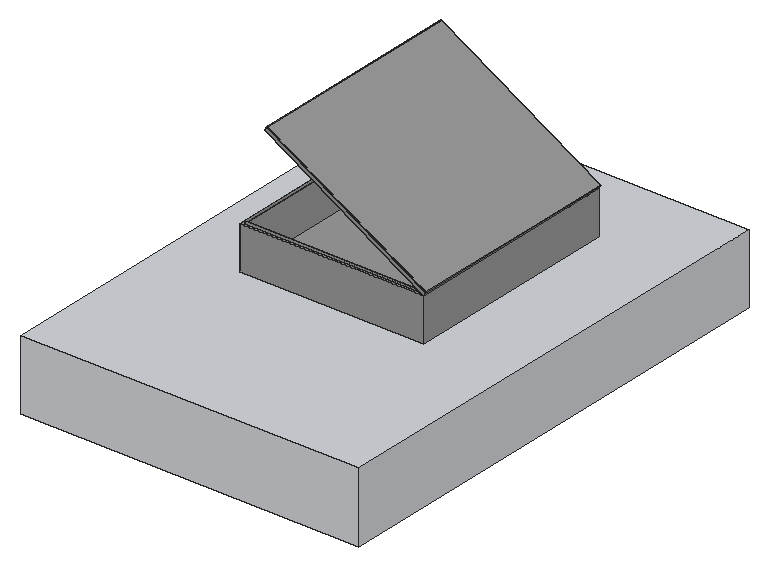
Revit family "Hager-Univers-IP44-D205-H950-Cl.I-encl-PL-en", category Equipement électrique, Revit 2020
Family settings
  Hôte = Face
  Configuration du panneau = Deux colonnes, circuits au sein
  Cote de connecteur circulaire = Utiliser le diamètre
  Type d'élément = Tableau de raccordement
  Couper avec des vides une fois chargée = Non
  Partagée = Non
  Point de calcul de pièce = Non
Parameters (values of type "Surface mounted (plaster) IP44 W800 H950 D205  - FP63TN2")
  Width Control [instance] = if([EF000008 - Width] > Min Width, [EF000008 - Width], Min Width)  # 800 mm
  Commentaires du type = [HG000003 - Range]  # "Univers"
  Thickness Door [instance] = if([EF009171 - Material plate thickness door/cover] > 3 mm, 3 mm, [EF009171 - Material plate thickness door/cover])  # 1 mm
  Seal Frame Offset [instance] = 17 mm  # constant formula
  Plinth Visibility [instance] = [HG000027 - Plinth height] > 0 mm  # no
  Model = ""
  Min Width [instance] = 100 mm  # constant formula
  Min Height [instance] = 100 mm  # constant formula
  Min Depth [instance] = (2 * [EF009170 - Material plate thickness cabinet]) + 1 mm  # 3 mm
  Internal Frame Depth [instance] = (Door System Depth * 0.5)  # 9 mm
  Height Control [instance] = if([EF000040 - Height] > Min Height, [EF000040 - Height], Min Height)  # 950 mm
  HG000027 - Plinth height = 0 mm
  HG000026 - Floor standing = no
  HG000024 - Bottom section height = 800 mm
  HG000023 - Double section enclosure = no
  HG000016 - Door 3d visibility [instance] = yes
  HG000015 - Clearance visibility [instance] = no
  HG000014 - Door on the right [instance] = yes
  HG000013 - Door on the left [instance] = not([HG000014 - Door on the right])  # no
  HG000012 - Door swing angle [instance] = 30.00°
  HG000010 - Asymmetric doors = no
  HG000009 - Double swing door = no
  HG000006 - Flush mounted = no
  HG000004 - Manufacturer reference = "FP63TN2"
  HG000003 - Range = "Univers"
  HG000002 - With door or cover = yes
  Frame Offset Bottom [instance] = 10 mm  # constant formula
  Frame Offset [instance] = 15 mm  # constant formula
  EF015940 - Cover with overpressure release = no
  EF011959 - Degree of protection (NEMA) = ""
  EF009554 - Number of openings for flange plates = 6
  EF009212 - Cover model = "EV000116 - Closed"
  EF009171 - Material plate thickness door/cover = 1 mm
  EF009170 - Material plate thickness cabinet = 1 mm
  Fabricant = "Hager"  # constant formula
  EF008873 - Nominal current (In) = 250 A
  EF007800 - Suitable for lightning protection = no
  EF006306 - With lock = no
  EF006244 - Transparent cover/door = no
  EF005474 - Degree of protection (IP) = "EV006418 - IP44"
  EF004464 - Type of door = "EV002646 - Single"
  EF004427 - Number of modules = 216
  EF004293 - Impact strength = "EV006815 - IK09"
  EF003532 - Suitable for outdoor use = no
  EF002950 - Width in number of modular spacings = 36
  EF001613 - Circuit integrity = "EV000494 - None"
  EF001596 - Material housing = "EV000179 - Steel"
  EF001131 - Internal depth = 130 mm
  EF001088 - Extension possible = yes
  EF000437 - Number of conduit inlets = 6
  EF000339 - Type of cover = "EV001012 - Cover"
  EF000266 - Number of rows = 6
  EF000218 - Built-in depth = 205 mm
  EF000118 - With mounting plate = no
  EF000116 - RAL-number = "9010"
  EF000049 - Depth = 205 mm
  EF000040 - Height = 950 mm
  EF000008 - Width = 800 mm
  EF000007 - Colour = "EV000202 - White"
  EF000003 - Mounting method = "EV000384 - Surface mounted (plaster)"
  Door System Leaf Tolerance [instance] = 1.5 mm  # constant formula
  Door System Depth [instance] = 18 mm  # constant formula
  Door Height [instance] = Height Control - [HG000027 - Plinth height]  # 950 mm
  Depth Control [instance] = if([EF000049 - Depth] > Min Depth, [EF000049 - Depth], Min Depth)  # 205 mm
  Default Elevation = 0 mm
  Connector Offset [instance] = Height Control / 2  # 475 mm
  Bottom Top Plate Trim [instance] = 1.5 mm  # constant formula
  Plinth height Ctrl [instance] = if([HG000027 - Plinth height] > 0 mm, [HG000027 - Plinth height], 12 mm)  # 12 mm
Types (5, lengths in mm): name | Width Control | HG000010 - Asymmetric doors | HG000009 - Double swing door | HG000004 - Manufacturer reference | EF009554 - Number of openings for flange plates | EF004464 - Type of door | EF004427 - Number of modules | EF002950 - Width in number of modular spacings | EF000437 - Number of conduit inlets | EF000008 - Width
  Surface mounted (plaster) IP44 W1050 H950 D205  - FP64TN2 | 1050 | no | yes | "FP64TN2" | 8 | "EV003602 - Double" | 288 | 48 | 8 | 1050
  Surface mounted (plaster) IP44 W1300 H950 D205  - FP65TN2 | 1300 | yes | yes | "FP65TN2" | 10 | "EV003602 - Double" | 360 | 60 | 10 | 1300
  Surface mounted (plaster) IP44 W300 H950 D205  - FP61TN2 | 300 | no | no | "FP61TN2" | 2 | "EV002646 - Single" | 72 | 12 | 2 | 300
  Surface mounted (plaster) IP44 W550 H950 D205  - FP62TN2 | 550 | no | no | "FP62TN2" | 4 | "EV002646 - Single" | 144 | 24 | 4 | 550
  Surface mounted (plaster) IP44 W800 H950 D205  - FP63TN2 | 800 | no | no | "FP63TN2" | 6 | "EV002646 - Single" | 216 | 36 | 6 | 800
Reference planes
  plane 1 "Center (Front/Back)": y = 0
  plane 2: z = 0
  plane 3 "Center (Left/Right)": x = 0
  plane 4: z = 205
  plane 5: y = 1
  plane 6: y = 475
  plane 7: y = 0
  plane 8: y = 950
  plane 9: z = 0
  plane 10: x = -385
  plane 11: x = 385
  plane 12: x = 384
  plane 13: x = -384
  plane 14: y = 949
  plane 15: x = -383
  plane 16: x = -400
  plane 17: x = 383
  plane 18: x = 400
  plane 19: x = 399
  plane 20: x = -399
  plane 21: y = 11
  plane 22: y = 950
  plane 23: y = 934
  plane 24: z = 187
  plane 25: z = 1
  plane 26: z = 186
  plane 27: z = 204
Forms (mm)
  Extrusion 1, solid
    sketch origin (0, 0, 0) x (1, 0, 0) y (0, 1, 0)
      loop
        line (-702.964, 1305) -> (-702.964, -811.445) -> (766.763, -811.445) -> (766.763, 1305) -> (-702.964, 1305)
    from 0 to -304.8
  Extrusion 2, solid, material "Hager_Steel_RAL7035_Light_Grey", visible <- "Plinth Visibility", detail levels medium+fine
    sketch origin (0, 0, 0) x (1, 0, 0) y (0, 1, 0)
      loop
        line (-400, 0) -> (400, 0) -> (400, 12) -> (-400, 12) -> (-400, 0)
    from 0 to 187
  Extrusion 3, solid, material "Hager_Steel_RAL7035_Light_Grey", detail levels medium+fine
    sketch origin (0, 0, 0) x (1, 0, 0) y (0, 1, 0)
      loop
        line (-400, 0) -> (400, 0) -> (400, 950) -> (-400, 950) -> (-400, 0)
    from 0 to 187
  Extrusion 4, void
    sketch origin (0, 0, 0) x (1, 0, 0) y (0, 1, 0)
      loop
        line (-399, 1) -> (399, 1) -> (399, 949) -> (-399, 949) -> (-399, 1)
    from 1 to 186
  Extrusion 5, void
    sketch origin (-381.607, -4572, 187) x (0, -1, 0) y (-1, 0, 0)
      loop
        line (-4583, 2.393) -> (-5506, 2.393) -> (-5506, -765.607) -> (-4583, -765.607) -> (-4583, 2.393)
    from 0 to 1 <- "EF009170 - Material plate thickness cabinet"
  Extrusion 6, solid, material "Hager_Steel_RAL7035_Light_Grey", detail levels fine
    sketch origin (0, 0, 187) x (1, 0, 0) y (0, 1, 0)
      loop
        line (-384, 934) -> (-384, 11) -> (384, 11) -> (384, 934) -> (-384, 934)
      loop
        line (-385, 10) -> (385, 10) -> (385, 935) -> (-385, 935) -> (-385, 10)
    from 0 to 9 <- "Internal Frame Depth"
  Extrusion 7, solid, material "Hager_Steel_RAL7035_Light_Grey", detail levels coarse
    sketch origin (0, 0, 0) x (1, 0, 0) y (0, 1, 0)
      loop
        line (-400, 0) -> (400, 0) -> (400, 950) -> (-400, 950) -> (-400, 0)
    from 0 to 205
  Sweep 8, void
    path in 3D
      loop
        line (-400, 12, 0) -> (400, 12, 0) -> (400, 12, 187) -> (-400, 12, 187) -> (-400, 12, 0)
    profile origin (-400, 12, 93.5) x (-1, 0, 0) y (0, -1, 0)
      loop
        line (0, 0) -> (0, 1.5) -> (-1.5, 1.5)
        arc (-1.5, 1.5) -> (-1.061, 0.439) -> (0, 0) r 1.5
Cuts and joins
  Extrusion 4, Extrusion 5 cuts Extrusion 3
  Sweep 8 cuts Extrusion 2
Lines and regions (mm)
  Masking region 1
    outline origin (0, 0, 0) x (1, 0, 0) y (0, 0, 1)
      loop
        line (-400, 205) -> (-400, 0) -> (400, 0) -> (400, 205) -> (-400, 205)
  Masking region 2, detail levels medium+fine
    outline origin (0, 140, 0) x (0, 1, 0) y (0, 0, 1)
      loop
        line (-140, 0) -> (810, 0) -> (810, 187) -> (-140, 187) -> (-140, 0)
  Masking region 3, not visible, detail levels medium+fine
    outline origin (0, 297.922, 0) x (0, 1, 0) y (0, 0, 1)
      loop
        line (188.578, 0) -> (228.578, 0) -> (228.578, 194)
        arc (228.578, 194) -> (225.649, 201.071) -> (218.578, 204) r 10
        line (218.578, 204) -> (188.578, 204) -> (188.578, 0)
  Masking region 4, detail levels coarse
    outline origin (0, 0, 180) x (0, 1, 0) y (0, 0, 1)
      loop
        line (0, -180) -> (950, -180) -> (950, 25) -> (0, 25) -> (0, -180)
  Masking region 5, visible <- "Plinth Visibility", detail levels medium+fine
    outline origin (0, 52.24, 12.345) x (0, 0, -1) y (0, 1, 0)
      loop
        line (10.845, -40.24) -> (-173.155, -40.24)
        arc (-173.155, -40.24) -> (-173.594, -41.301) -> (-174.655, -41.74) r 1.5
        line (-174.655, -41.74) -> (-174.655, -52.24) -> (12.345, -52.24) -> (12.345, -41.74)
        arc (12.345, -41.74) -> (11.285, -41.301) -> (10.845, -40.24) r 1.5
  Masking region 6, detail levels medium+fine
    outline origin (-381.607, -4572, 187) x (-1, 0, 0) y (0, -1, 0)
      loop
        line (18.393, -5522) -> (18.393, -4572) -> (-781.607, -4572) -> (-781.607, -5522) -> (18.393, -5522)
  Masking region 7, visible <- "Plinth Visibility", detail levels medium+fine
    outline origin (-381.607, -4727, 187) x (-1, 0, 0) y (0, -1, 0)
      loop
        arc (16.893, -4739) -> (17.332, -4737.939) -> (18.393, -4737.5) r 1.5
        line (18.393, -4737.5) -> (18.393, -4727) -> (-781.607, -4727) -> (-781.607, -4737.5)
        arc (-781.607, -4737.5) -> (-780.546, -4737.939) -> (-780.107, -4739) r 1.5
        line (-780.107, -4739) -> (16.893, -4739)
  Masking region 8, detail levels coarse
    outline origin (-442.548, -4669.526, 187) x (-1, 0, 0) y (0, -1, 0)
      loop
        line (-42.548, -5619.526) -> (-42.548, -4669.526) -> (-842.548, -4669.526) -> (-842.548, -5619.526) -> (-42.548, -5619.526)
  sketch lines
    curve 1: line (-400, 12, 187) -> (-400, 12, 0)
    curve 2: line (400, 12, 187) -> (-400, 12, 187)
    curve 3: line (400, 12, 187) -> (400, 12, 0)
    curve 4: line (-400, 12, 0) -> (400, 12, 0)
Dimensions and locks
  "Depth Control": plane 4 to Extrusion 1
  "HG000027 - Plinth height": plane 1 "Center (Front/Back)" to plane 7
  "EF009170 - Material plate thickness cabinet": plane 5 to plane 7
  locked: connector elem to plane 3 "Center (Left/Right)"
  equal spacing: plane 8, plane 6, plane 7
  locked: connector elem to plane 6
  "EF009170 - Material plate thickness cabinet": plane 8 to plane 14
  "EF009170 - Material plate thickness cabinet": plane 10 to plane 13
  "EF009170 - Material plate thickness cabinet": plane 12 to plane 11
  "Frame Offset": plane 20 to plane 13
  "Frame Offset": plane 12 to plane 19
  "EF009170 - Material plate thickness cabinet": plane 16 to plane 20
  "EF009170 - Material plate thickness cabinet": plane 19 to plane 18
  "Seal Frame Offset": plane 16 to plane 15
  "Seal Frame Offset": plane 17 to plane 18
  "Frame Offset Bottom": plane 21 to plane 5
  "Frame Offset": plane 14 to plane 23
  equal spacing: plane 16, plane 3 "Center (Left/Right)", plane 18
  "Width Control": plane 16 to plane 18
  "EF009170 - Material plate thickness cabinet": plane 4 to plane 27
  "EF009170 - Material plate thickness cabinet": plane 24 to plane 26
  "EF009170 - Material plate thickness cabinet": plane 25 to level
  "Door System Depth": plane 4 to plane 24
  "Height Control": plane 1 "Center (Front/Back)" to Extrusion 7 sketch curve
  "Height Control": Masking region 4 sketch curve to plane 1 "Center (Front/Back)"
  "Height Control": plane 1 "Center (Front/Back)" to plane 22
  "Bottom Top Plate Trim": profile plane to Sweep 8 sketch curve
  "Bottom Top Plate Trim": Sweep 8 sketch curve to profile plane
  "Plinth height Ctrl": plane 1 "Center (Front/Back)" to Extrusion 2 sketch curve
  "Plinth height Ctrl": Masking region 5 sketch curve to plane 1 "Center (Front/Back)"
  "Plinth height Ctrl": plane 1 "Center (Front/Back)" to Masking region 7 sketch curve
  "Thickness Door": Extrusion 6 sketch curve to Extrusion 6 sketch curve  (x3)
  "Thickness Door": cut or joined group of Extrusion 3, Extrusion 4, Extrusion 5 to Extrusion 6 sketch curve
  radius of Masking region 3 sketch curve = 10 mm
  "Bottom Top Plate Trim": radius of Masking region 5 sketch curve  (x2)
  "Bottom Top Plate Trim": radius of Sweep 8 sketch curve
  "Bottom Top Plate Trim": radius of Masking region 7 sketch curve  (x2)
  aligned and locked: plane 2 to Extrusion 1
  aligned and locked: level to Extrusion 1
  aligned and locked: level to Masking region 1 sketch curve
  aligned and locked: Masking region 1 sketch curve to plane 18
  aligned and locked: Masking region 1 sketch curve to plane 16
  aligned and locked: plane 7 to Masking region 2 sketch curve
  aligned and locked: level to Masking region 3 sketch curve
  aligned and locked: Masking region 3 sketch curve to plane 27
  aligned and locked: level to Masking region 2 sketch curve
  aligned and locked: plane 1 "Center (Front/Back)" to Extrusion 2 sketch curve
  aligned and locked: Extrusion 3 sketch curve to plane 7
  aligned and locked: plane 16 to Extrusion 3 sketch curve
  aligned and locked: plane 18 to Extrusion 3 sketch curve
  aligned and locked: plane 20 to Extrusion 4 sketch curve
  aligned and locked: plane 19 to Extrusion 4 sketch curve
  aligned and locked: Extrusion 4 sketch curve to plane 5
  aligned and locked: Extrusion 4 to plane 25
  aligned and locked: plane 26 to Extrusion 4
  aligned and locked: plane 24 to Extrusion 3
  aligned and locked: Extrusion 5 sketch curve to plane 21
  aligned and locked: Extrusion 5 sketch curve to plane 13
  aligned and locked: Extrusion 5 sketch curve to plane 12
  aligned and locked: plane 18 to Extrusion 7 sketch curve
  aligned and locked: plane 1 "Center (Front/Back)" to Extrusion 7 sketch curve
  aligned and locked: plane 16 to Extrusion 7 sketch curve
  aligned and locked: plane 4 to Extrusion 7
  aligned and locked: Extrusion 7 to level
  aligned and locked: level to Masking region 4 sketch curve
  aligned and locked: Masking region 4 sketch curve to plane 1 "Center (Front/Back)"
  aligned and locked: Masking region 4 sketch curve to plane 4
  aligned and locked: nested 1 to level
  aligned and locked: nested 1 to plane 16
  aligned and locked: plane 8 to Extrusion 3 sketch curve
  aligned and locked: plane 23 to Extrusion 5 sketch curve
  aligned and locked: plane 14 to Extrusion 4 sketch curve
  aligned and locked: Masking region 2 sketch curve to plane 8
  aligned and locked: level to Masking region 5 sketch curve
  aligned and locked: plane 16 to Extrusion 2 sketch curve
  aligned and locked: plane 18 to Extrusion 2 sketch curve
  aligned and locked: Masking region 5 sketch curve to plane 24
  aligned and locked: Masking region 2 sketch curve to plane 24
  aligned and locked: plane 24 to Extrusion 2
  aligned and locked: profile plane to Sweep 8 sketch curve  (x2)
  aligned and locked: Masking region 6 sketch curve to plane 18
  aligned and locked: Masking region 6 sketch curve to plane 22
  aligned and locked: Masking region 6 sketch curve to plane 16
  aligned and locked: plane 8 to plane 22
  aligned and locked: Masking region 6 sketch curve to plane 7
  aligned and locked: Masking region 7 sketch curve to plane 16
  aligned and locked: Masking region 7 sketch curve to plane 1 "Center (Front/Back)"
  aligned and locked: Masking region 7 sketch curve to plane 18
  aligned and locked: Masking region 8 sketch curve to plane 1 "Center (Front/Back)"
  aligned and locked: Masking region 8 sketch curve to plane 18
  aligned and locked: Masking region 8 sketch curve to plane 22
  aligned and locked: Masking region 8 sketch curve to plane 16
  aligned and locked: nested 2 to plane 7
  aligned and locked: plane 3 "Center (Left/Right)" to nested 2
  aligned and locked: nested 2 to plane 24
  aligned and locked: Extrusion 6 sketch curve to cut or joined group of Extrusion 3, Extrusion 4, Extrusion 5  (x4)
Automatic sketch dimensions
  Extrusion 1 sketch curve to Extrusion 1 sketch curve = 1469.727 mm
  Extrusion 1 sketch curve to Extrusion 1 sketch curve = 2116.445 mm
  Masking region 1 sketch curve to plane 4 = 0 mm
  plane 6 to Masking region 3 sketch curve = 11.5 mm
  Masking region 3 sketch curve to Masking region 3 sketch curve = 30 mm
  Masking region 5 sketch curve to plane 1 "Center (Front/Back)" = 0 mm
Nested families
  nested 1: "Hager_Enclosure_Symbol" at (-400, 0, 0) x (1, 0, 0) z (0, -1, 0), Height <- "Depth Control", Width <- "Width Control", type "Hager_Enclosure_Symbol"
    with Width_Ctrl 800 mm, Width 800 mm, Height_Ctrl 205 mm, Height 205 mm, A_Width_Int 13.453 mm, A_Width 161.438 mm, A_Height_Ctrl 179.375 mm, A_Height 179.375 mm
  nested 2: "EC000058_Univers_Door" at (0, 0, 187) x (1, 0, 0) z (0, 1, 0), Leaf_Tolerance <- "Door System Leaf Tolerance", Angle <- "HG000012 - Door swing angle", Door_Depth <- "Door System Depth", Door_Left <- "HG000013 - Door on the left", Transparent <- "EF006244 - Transparent cover/door", Assymetrical <- "HG000010 - Asymmetric doors", Width <- "Width Control", Clearance <- "HG000015 - Clearance visibility", Double <- "HG000009 - Double swing door", 3d_Door <- "HG000016 - Door 3d visibility", Lock_Visibility <- "EF006306 - With lock", Width_Ctrl <- "Width Control", Door_Right <- "HG000014 - Door on the right", Door <- "HG000002 - With door or cover", Height <- "Door Height", Thickness <- "Thickness Door", type "EC000058_Univers_Door", detail levels medium+fine
    with min_wh 3 mm, Width_Ctrl 800 mm, Width 800 mm, Transparent no, Thickness 1 mm, Seal_Material Hager_Rubber, Lock_Visibility no, Lock_Material Hager_Plastic_RAL9005_Jet_Black, Leaf_Width 800 mm, Leaf_Tolerance_External_Sides 0 mm, Leaf_Tolerance 1.5 mm, Leaf_Offset 0 mm, Leaf_Height 947 mm, Leaf_2_Width 800 mm, Leaf_2_Offset 400 mm, Leaf_1_Width 800 mm, Leaf_1_Offset 400 mm, Height_Ctrl 950 mm, Height 950 mm, Glass_Material Hager_Glass, Double_Clearance_Ctrl no, Double no, Door_Right_Ctrl yes, Door_Right yes, Door_Material Hager_Steel_RAL7035_Light_Grey, Door_Left_Ctrl no, Door_Left no, Door_Depth 18 mm, Door yes, Clearance_Material Hager_Clearance, Clearance_Depth 800 mm, Clearance_Ctrl no, Clearance no, Assymetrical no, Angle 30.00°, 3d_Door yes
Connectors
  electrical at (0, 475, 0)
    settings: on plane 9, index 1, voltage 0 V, apparent load 0 VA, apparent load phase1 0 VA, apparent load phase2 0 VA, apparent load phase3 0 VA, power factor 1, load classification "Other", number of poles 1, system type 30, power factor state 1, is connector primary yes, connector utility no, sub classification motor no, connector description ""
Definition of nested family "EC000058_Univers_Door"
  Parameters (values of type "EC000058_Univers_Door")
    min_wh [instance] = (2 * Thickness) + 1 mm  # 11 mm
    Width_Ctrl [instance] = 400 mm
    Width [instance] = 500 mm
    Transparent [instance] = yes
    Thickness [instance] = 5 mm
    Seal_Material [instance] = none
    Lock_Visibility [instance] = yes
    Lock_Material [instance] = none
    Leaf_Width [instance] = if((Width_Ctrl - 2 * Leaf_Tolerance_External_Sides) > 0 mm, (Width_Ctrl - 2 * Leaf_Tolerance_External_Sides), min_wh)  # 400 mm
    Leaf_Tolerance_External_Sides [instance] = 0 mm  # constant formula
    Leaf_Tolerance [instance] = 1.5 mm
    Leaf_Offset [instance] = 0 mm  # constant formula
    Leaf_Height [instance] = if((Height_Ctrl - 2 * Leaf_Tolerance) > 0 mm, (Height_Ctrl - 2 * Leaf_Tolerance), min_wh)  # 497 mm
    Leaf_2_Width [instance] = if(and(and(Double, Assymetrical), Door_Left), (Leaf_Width / 3) - (Leaf_Tolerance / 2), if(and(and(Double, Assymetrical), Door_Right), (Leaf_Width / 3) * 2 - (Leaf_Tolerance / 2), if(and(Double, not(Assymetrical)), (Leaf_Width / 2) - Leaf_Tolerance, Leaf_Width)))  # 400 mm
    Leaf_2_Offset [instance] = if(and(Double, Assymetrical), Leaf_2_Width / 2, if(and(Double, not(Assymetrical)), Leaf_Width / 4, Leaf_Width / 2))  # 200 mm
    Leaf_1_Width [instance] = if(and(and(Double, Assymetrical), Door_Right), (Leaf_Width / 3) - (Leaf_Tolerance / 2), if(and(and(Double, Assymetrical), Door_Left), (Width / 3) * 2 - (Leaf_Tolerance / 2), if(and(Double, not(Assymetrical)), (Leaf_Width / 2) - Leaf_Tolerance, Leaf_Width)))  # 400 mm
    Leaf_1_Offset [instance] = if(and(Double, Assymetrical), Leaf_1_Width / 2, if(and(Double, not(Assymetrical)), Leaf_Width / 4, Leaf_Width / 2))  # 200 mm
    Height_Ctrl [instance] = if(Height > min_wh, Height, min_wh)  # 500 mm
    Height [instance] = 500 mm
    Glass_Material [instance] = none
    Double_Clearance_Ctrl [instance] = and(Double, Clearance)  # no
    Double [instance] = no
    Door_Right_Ctrl [instance] = and(or(Door_Right, Double), Door)  # yes
    Door_Right [instance] = yes
    Door_Material [instance] = none
    Door_Left_Ctrl [instance] = and(or(Door_Left, Double), Door)  # no
    Door_Left [instance] = no
    Door_Depth [instance] = 30 mm
    Door [instance] = yes
    Default Elevation = 1219.2 mm
    Clearance_Material [instance] = none
    Clearance_Depth [instance] = if(Leaf_1_Width > Leaf_2_Width, Leaf_1_Width, Leaf_2_Width)  # 400 mm
    Clearance_Ctrl [instance] = and(not(Double), Clearance)  # yes
    Clearance [instance] = yes
    Assymetrical [instance] = yes
    Angle [instance] = 30.00°
    3d_Door [instance] = yes
  Reference planes
    plane 1 "Center (Front/Back)": y = 0
    plane 2 "Bottom": z = 0
    plane 3 "Center (Left/Right)": x = 0
    plane 4: z = 500
    plane 5: x = -200
    plane 6: x = 200
    plane 7: z = 500
    plane 8: x = -200
    plane 9: z = 0
    plane 10: x = 200
    plane 11: y = 0
    plane 12: z = 1.5
    plane 13: x = -600
    plane 14: y = -400
    plane 15: x = 600
    plane 16: x = 0
    plane 17: x = 0
    plane 18: x = -200
    plane 19: x = 200
    plane 20: z = 498.5
  Forms (mm)
    Extrusion 1, solid, material <- "Clearance_Material", visible <- "Double_Clearance_Ctrl"
      sketch origin (1200, 0, 0) x (1, 0, 0) y (0, 0, -1)
        loop
          line (-1800, -498.5) -> (-600, -498.5) -> (-600, 0) -> (-1800, 0) -> (-1800, -498.5)
      from 0 to -400
  Dimensions and locks
    equal spacing: plane 5, plane 3 "Center (Left/Right)", plane 6
    "Width_Ctrl": plane 5 to plane 6
    "Leaf_Offset": plane 5 to plane 8
    "Leaf_Offset": plane 6 to plane 10
    "Leaf_Offset": plane 9 to level
    "Leaf_Offset": plane 4 to plane 7
    "Height_Ctrl": plane 4 to level
    "Leaf_Tolerance": plane 12 to plane 9
    locked: plane 11 to plane 1 "Center (Front/Back)"
    "Leaf_1_Offset": plane 18 to plane 16
    "Leaf_2_Offset": plane 17 to plane 19
    "Leaf_1_Width": plane 13 to plane 8
    "Leaf_2_Width": plane 10 to plane 15
    "Clearance_Depth": plane 14 to plane 1 "Center (Front/Back)"
    "Leaf_Tolerance_External_Sides": plane 8 to plane 18
    "Leaf_Tolerance_External_Sides": plane 19 to plane 10
    "Leaf_Tolerance": plane 7 to plane 20
    aligned and locked: level to plane 2 "Bottom"
    aligned and locked: nested 1 to plane 16
    aligned and locked: nested 2 to plane 17
    aligned and locked: Extrusion 1 to plane 13
    aligned and locked: plane 15 to Extrusion 1
    aligned and locked: Extrusion 1 to plane 14
    aligned and locked: plane 12 to nested 1
    aligned and locked: nested 2 to plane 12
    aligned and locked: Extrusion 1 to plane 11
    aligned and locked: plane 20 to Extrusion 1
    aligned and locked: nested 2 to plane 11
    aligned and locked: nested 1 to plane 11
  Automatic sketch dimensions
    Extrusion 1 sketch curve to level = 0 mm
    plane 5 to Extrusion 1 sketch curve = 400 mm
    plane 6 to Extrusion 1 sketch curve = 400 mm
    Extrusion 1 sketch curve to plane 4 = 1.5 mm
  Nested families
    nested 1: "EC000058_Univers_Door_Leaf" at (0, 0, 1.5), Width <- "Leaf_1_Width", visible <- "Door_Left_Ctrl", Leaf_Height <- "Leaf_Height", Angle <- "Angle", 3d_Door <- "3d_Door", Transparent <- "Transparent", Clearance Material <- "Clearance_Material", Clearance <- "Clearance_Ctrl", Door_Material <- "Door_Material", Glass_Material <- "Glass_Material", Door_Depth <- "Door_Depth", Lock_Material <- "Lock_Material", Seal_Material <- "Seal_Material", Lock_Visibility <- "Lock_Visibility", Thickness <- "Thickness", type "EC000058_Univers_Door_Leaf"
      with Width 400 mm, Transparent_Glass_Offset 30 mm, Transparent_Ctrl yes, Transparent yes, Thickness 5 mm, Standard no, Seal_Material none, Seal_D2 8 mm, Seal_D1 1 mm, Offset_Internal_Frame 10 mm, Lock_Width 20 mm, Lock_Visibility_3d yes, Lock_Visibility yes, Lock_Thickness_3 3 mm, Lock_Thickness_2 1 mm, Lock_Thickness_1 3 mm, Lock_Radius_Offset_2 16 mm, Lock_Radius_Offset_1 15 mm, Lock_Radius_2 5 mm, Lock_Radius 6 mm, Lock_Offset 5 mm, Lock_Material none, Lock_Height 80 mm, Lock_Cover_Top_Offset_2d 17 mm, Lock_Cover_Height -65 mm, Leaf_Height 497 mm, Internal_Seal_Thickness 8 mm, Internal_Seal_Depth_2 4.5 mm, Internal_Frame_Depth 25 mm, Glass_Thickness -1 mm, Glass_Offset -2 mm, Glass_Material none, Door_Material none, Door_Depth 30 mm, Clearance Material none, Clearance yes, Angle_Ctrl 30.00°, Angle 30.00°, 3d_Door yes
    nested 2: "EC000058_Univers_Door_Leaf" at (0, 0, 1.5) x (-1, 0, 0) z (0, 0, 1), Width <- "Leaf_2_Width", visible <- "Door_Right_Ctrl", Leaf_Height <- "Leaf_Height", Angle <- "Angle", 3d_Door <- "3d_Door", Transparent <- "Transparent", Clearance Material <- "Clearance_Material", Clearance <- "Clearance_Ctrl", Door_Material <- "Door_Material", Glass_Material <- "Glass_Material", Door_Depth <- "Door_Depth", Lock_Material <- "Lock_Material", Seal_Material <- "Seal_Material", Lock_Visibility <- "Lock_Visibility", Thickness <- "Thickness", type "EC000058_Univers_Door_Leaf"
      with Width 400 mm, Transparent_Glass_Offset 30 mm, Transparent_Ctrl yes, Transparent yes, Thickness 5 mm, Standard no, Seal_Material none, Seal_D2 8 mm, Seal_D1 1 mm, Offset_Internal_Frame 10 mm, Lock_Width 20 mm, Lock_Visibility_3d yes, Lock_Visibility yes, Lock_Thickness_3 3 mm, Lock_Thickness_2 1 mm, Lock_Thickness_1 3 mm, Lock_Radius_Offset_2 16 mm, Lock_Radius_Offset_1 15 mm, Lock_Radius_2 5 mm, Lock_Radius 6 mm, Lock_Offset 5 mm, Lock_Material none, Lock_Height 80 mm, Lock_Cover_Top_Offset_2d 17 mm, Lock_Cover_Height -65 mm, Leaf_Height 497 mm, Internal_Seal_Thickness 8 mm, Internal_Seal_Depth_2 4.5 mm, Internal_Frame_Depth 25 mm, Glass_Thickness -1 mm, Glass_Offset -2 mm, Glass_Material none, Door_Material none, Door_Depth 30 mm, Clearance Material none, Clearance yes, Angle_Ctrl 30.00°, Angle 30.00°, 3d_Door yes
  Definition of nested family "EC000058_Univers_Door_Leaf"
    Parameters (values of type "EC000058_Univers_Door_Leaf")
      Width [instance] = 2000 mm
      Transparent_Glass_Offset [instance] = 30 mm
      Transparent_Ctrl [instance] = and(Transparent, [3d_Door])  # yes
      Transparent [instance] = yes
      Thickness [instance] = 5 mm
      Standard [instance] = and(not(Transparent), [3d_Door])  # no
      Seal_Material [instance] = none
      Seal_D2 [instance] = 8 mm  # constant formula
      Seal_D1 [instance] = 1 mm  # constant formula
      Offset_Internal_Frame [instance] = 10 mm  # constant formula
      Lock_Width [instance] = 20 mm  # constant formula
      Lock_Visibility_3d [instance] = and(Lock_Visibility, [3d_Door])  # yes
      Lock_Visibility [instance] = yes
      Lock_Thickness_3 [instance] = 3 mm  # constant formula
      Lock_Thickness_2 [instance] = 1 mm  # constant formula
      Lock_Thickness_1 [instance] = 3 mm  # constant formula
      Lock_Radius_Offset_2 [instance] = Lock_Radius_Offset_1 + 1 mm  # 16 mm
      Lock_Radius_Offset_1 [instance] = 15 mm  # constant formula
      Lock_Radius_2 [instance] = Lock_Radius - 1 mm  # 5 mm
      Lock_Radius [instance] = 6 mm  # constant formula
      Lock_Offset [instance] = 5 mm  # constant formula
      Lock_Material [instance] = none
      Lock_Height [instance] = 80 mm  # constant formula
      Lock_Cover_Top_Offset_2d [instance] = Lock_Radius_Offset_2 + 1 mm  # 17 mm
      Lock_Cover_Height [instance] = -(Lock_Height - Lock_Radius_Offset_1)  # -65 mm
      Leaf_Height [instance] = 2720.336 mm
      Internal_Seal_Thickness [instance] = 8 mm  # constant formula
      Internal_Seal_Depth_2 [instance] = 4.5 mm  # constant formula
      Internal_Frame_Depth [instance] = if(Door_Depth - Thickness > 5 mm, Door_Depth - Thickness, 5 mm)  # 25 mm
      Glass_Thickness [instance] = if(Thickness > 15 mm, Glass_Offset + 10 mm, -1 mm)  # -1 mm
      Glass_Offset [instance] = if(Thickness > 15 mm, -(Thickness + 10 mm) / 2, -2 mm)  # -2 mm
      Glass_Material [instance] = none
      Door_Material [instance] = none
      Door_Depth [instance] = 30 mm
      Default Elevation = 0 mm
      Clearance Material [instance] = none
      Clearance [instance] = yes
      Angle_Ctrl [instance] = if(Angle > 180.00°, 180.00°, Angle)  # 90.00°
      Angle [instance] = 90.00°
      3d_Door [instance] = yes
    Reference planes
      plane 1 "Center (Front/Back)": y = 0
      plane 2: z = 0
      plane 3 "Center (Left/Right)": x = 0
      plane 4: y = 2000
      plane 5: x = -1000
      plane 6: x = 1000
      plane 7: x = -3000
      plane 8: z = 2720.336
      plane 9: z = 30
      plane 10: z = 2690.336
      plane 11: x = 970
      plane 12: x = -970
      plane 13: y = -3
      plane 14: z = 107.833
      plane 15: y = -5
      plane 16: y = -223.314
      plane 17: x = -1000
      plane 18: z = 1360.168
      plane 19: y = 30
    Forms (mm)
      Extrusion 1, solid, material <- "Clearance Material", visible <- "Clearance"
        sketch origin (0, 0, 0) x (1, 0, 0) y (0, 0, 1)
          loop
            line (-3000, 2720.336) -> (-3000, 0) -> (1000, 0) -> (1000, 2720.336) -> (-3000, 2720.336)
        from 0 to -2000
      Extrusion 2, solid, material <- "Door_Material", visible <- "Standard", detail levels medium+fine
        sketch origin (-1000, 0, 0) x (0, 1, 0) y (-1, 0, 0)
          loop
            line (0, 30) -> (0, 25) -> (2000, 25) -> (2000, 30) -> (0, 30)
        from 0 to 2720.336 <- "Leaf_Height"
      Extrusion 3, solid, material <- "Door_Material", visible <- "Transparent_Ctrl", detail levels medium+fine
        sketch origin (-1000, 0, 0) x (0, 1, 0) y (-1, 0, 0)
          loop
            line (0, 25) -> (2000, 25) -> (2000, 30) -> (0, 30) -> (0, 25)
        from 0 to 2720.336 <- "Leaf_Height"
      Extrusion 4, void
        sketch origin (-1025, 2000, 0) x (0, 1, 0) y (0, 0, -1)
          loop
            line (-30, -2690.336) -> (-30, -30) -> (-1970, -30) -> (-1970, -2690.336) -> (-30, -2690.336)
        from 0 to 5 <- "Thickness"
      Sweep 5, solid, material <- "Seal_Material", visible <- "Transparent_Ctrl", detail levels fine
        path in 3D
          loop
            line (-1025, 30, 30) -> (-1025, 30, 2690.336) -> (-1025, 1970, 2690.336) -> (-1025, 1970, 30) -> (-1025, 30, 30)
        profile origin (-1025, 1000, 30) x (1, 0, 0) y (0, 0, 1)
          loop
            line (0, 0) -> (0, -8) -> (1, -8) -> (1, 0) -> (0, 0)
      Extrusion 6, solid, material <- "Glass_Material", visible <- "Transparent_Ctrl", detail levels medium+fine
        sketch origin (-1030, 0, 0) x (0, 1, 0) y (0, 0, -1)
          loop
            line (1970, -2690.336) -> (1970, -30) -> (30, -30) -> (30, -2690.336) -> (1970, -2690.336)
        from -2 <- "Glass_Offset" to -1 <- "Glass_Thickness"
      Extrusion 7, solid, material <- "Door_Material", visible <- "3d_Door", detail levels medium+fine
        sketch origin (-1025, 2000, 0) x (0, -1, 0) y (0, 0, -1)
          loop
            line (0, -2720.336) -> (2000, -2720.336) -> (2000, 0) -> (0, 0) -> (0, -2720.336)
          loop
            line (1995, -5) -> (5, -5) -> (5, -2715.336) -> (1995, -2715.336) -> (1995, -5)
        from 0 to 25 <- "Internal_Frame_Depth"
      Sweep 8, solid, material <- "Seal_Material", visible <- "Transparent_Ctrl", detail levels fine
        path in 3D
          loop
            line (-1025, 0, 0) -> (-1025, 2000, 0) -> (-1025, 2000, 2720.336) -> (-1025, 0, 2720.336) -> (-1025, 0, 0)
        profile origin (-1025, 0, 1360.168) x (1, 0, 0) y (0, 1, 0)
          loop
            line (0, 10) -> (2.975, 10)
            arc (2.975, 10) -> (4.053, 10.447) -> (4.5, 11.525) r 1.525
            line (4.5, 11.525) -> (4.5, 16.527)
            arc (4.5, 16.527) -> (4.069, 17.569) -> (3.027, 18) r 1.473
            line (3.027, 18) -> (0, 18) -> (0, 10)
      Extrusion 9, solid, material <- "Lock_Material", visible <- "Lock_Visibility_3d", detail levels fine
        sketch origin (-1030, 0, 0) x (0, 1, 0) y (0, 0, -1)
          loop
            arc (1993.5, -1400.168) -> (1994.561, -1399.729) -> (1995, -1398.668) r 1.5
            line (1995, -1398.668) -> (1995, -1320.168) -> (1975, -1320.168) -> (1975, -1398.668)
            arc (1975, -1398.668) -> (1975.439, -1399.729) -> (1976.5, -1400.168) r 1.5
            line (1976.5, -1400.168) -> (1993.5, -1400.168)
        from 3 <- "Lock_Thickness_1" to 0
      Blend 10, solid, material <- "Lock_Material", visible <- "Lock_Visibility_3d", detail levels fine
        base sketch origin (-1033, 0, 0) x (0, 1, 0) y (0, 0, -1)
          loop
            line (1975, -1320.168) -> (1975, -1398.668)
            arc (1975, -1398.668) -> (1975.439, -1399.729) -> (1976.5, -1400.168) r 1.5
            line (1976.5, -1400.168) -> (1993.5, -1400.168)
            arc (1993.5, -1400.168) -> (1994.561, -1399.729) -> (1995, -1398.668) r 1.5
            line (1995, -1398.668) -> (1995, -1320.168) -> (1975, -1320.168)
        top sketch origin (-1033, 0, 0) x (0, 1, 0) y (0, 0, -1)
          loop
            line (1976, -1320.168) -> (1976, -1398.668)
            arc (1976, -1398.668) -> (1976.146, -1399.022) -> (1976.5, -1399.168) r 0.5
            line (1976.5, -1399.168) -> (1993.5, -1399.168)
            arc (1993.5, -1399.168) -> (1993.854, -1399.022) -> (1994, -1398.668) r 0.5
            line (1994, -1398.668) -> (1994, -1320.168) -> (1976, -1320.168)
        from 0 to 1 <- "Lock_Thickness_2"
      Blend 11, solid, material <- "Lock_Material", visible <- "Lock_Visibility_3d", detail levels fine
        base sketch origin (-1034, 0, 0) x (0, 1, 0) y (0, 0, -1)
          loop
            line (1978, -1320.168) -> (1978, -1384.168)
            arc (1978, -1384.168) -> (1985, -1391.168) -> (1992, -1384.168) r 7
            line (1992, -1384.168) -> (1992, -1320.168) -> (1978, -1320.168)
        top sketch origin (-1034, 0, 0) x (0, 1, 0) y (0, 0, -1)
          loop
            line (1991, -1320.168) -> (1979, -1320.168) -> (1979, -1383.168)
            arc (1979, -1383.168) -> (1985, -1389.168) -> (1991, -1383.168) r 6
            line (1991, -1383.168) -> (1991, -1320.168)
        from 0 to 3 <- "Lock_Thickness_3"
      Extrusion 12, solid, material <- "Lock_Material", visible <- "Lock_Visibility_3d", detail levels fine
        sketch origin (-1030, 1975, 1320.168) x (1, 0, 0) y (0, -1, 0)
          loop
            line (-7, -19) -> (-7, -1) -> (0, -1) -> (0, 0) -> (-8, 0) -> (-8, -20) -> (0, -20) -> (0, -19) -> (-7, -19)
        from 0 to -65 <- "Lock_Cover_Height"
      Extrusion 13, void
        sketch origin (-1038, 1995, 1320.168) x (-1, 0, 0) y (0, 0, -1)
          loop
            line (-5, -65) -> (0, -65) -> (-5, -60) -> (-5, -65)
        from 0 to 20 <- "Lock_Width"
      Extrusion 14, void
        sketch origin (-1038, 1975, 1320.168) x (0, -1, 0) y (0, 0, -1)
          loop
            circle (-10, -15.995) r 6
          loop
            circle (-10, -15.995) r 5
        from 0 to 2
      Extrusion 15, solid, material <- "Lock_Material", visible <- "Lock_Visibility_3d", detail levels medium
        sketch origin (-1030, 0, 0) x (0, 1, 0) y (0, 0, -1)
          loop
            arc (1993.5, -1400.168) -> (1994.561, -1399.729) -> (1995, -1398.668) r 1.5
            line (1995, -1398.668) -> (1995, -1320.168) -> (1975, -1320.168) -> (1975, -1398.668)
            arc (1975, -1398.668) -> (1975.439, -1399.729) -> (1976.5, -1400.168) r 1.5
            line (1976.5, -1400.168) -> (1993.5, -1400.168)
        from 8 to 0
    Cuts and joins
      Extrusion 4 cuts Extrusion 3
      Extrusion 13, Extrusion 14 cuts Extrusion 9
      Extrusion 14 cuts Blend 11
      Extrusion 13, Extrusion 14 cuts Extrusion 12
      joined: Extrusion 9, Blend 10, Blend 11, Extrusion 12
      Extrusion 14 cuts Extrusion 15
    Lines and regions (mm)
      Masking region 1, visible <- "Lock_Visibility", detail levels fine
        outline origin (0, 0, 0) x (0, 1, 0) y (0, 0, 1)
          loop
            line (30, 1320.168) -> (33, 1320.168) -> (33, 1400.168) -> (30, 1400.168) -> (30, 1320.168)
      Masking region 2, visible <- "Lock_Visibility", detail levels fine
        outline origin (0, 3.143, 0) x (0, 1, 0) y (0, 0, 1)
          loop
            line (29.857, 1354.168) -> (30.857, 1354.168) -> (30.857, 1366.168) -> (29.857, 1366.168) -> (29.857, 1354.168)
      Masking region 3, detail levels medium+fine
        outline origin (0, 0, 0) x (0, 1, 0) y (0, 0, 1)
          loop
            line (0, 0) -> (30, 0) -> (30, 2720.336) -> (0, 2720.336) -> (0, 0)
      Masking region 4, detail levels medium+fine
        outline origin (0, 0, 0) x (1, 0, 0) y (0, 0, 1)
          loop
            line (-1000, 2720.336) -> (-1000, 0) -> (1000, 0) -> (1000, 2720.336) -> (-1000, 2720.336)
      Masking region 5, visible <- "Lock_Visibility", detail levels fine
        outline origin (-47.116, 0, 0) x (1, 0, 0) y (0, 0, 1)
          loop
            arc (1024.616, 1399.168) -> (1023.556, 1398.729) -> (1023.116, 1397.668) r 1.5
            line (1023.116, 1397.668) -> (1023.116, 1320.168) -> (1041.116, 1320.168) -> (1041.116, 1397.668)
            arc (1041.116, 1397.668) -> (1040.677, 1398.729) -> (1039.616, 1399.168) r 1.5
            line (1039.616, 1399.168) -> (1024.616, 1399.168)
      Masking region 6, visible <- "Lock_Visibility", detail levels medium+fine
        outline origin (-25, 0, 0) x (1, 0, 0) y (0, 0, 1)
          loop
            arc (1001.5, 1400.168) -> (1000.439, 1399.729) -> (1000, 1398.668) r 1.5
            line (1000, 1398.668) -> (1000, 1320.168) -> (1020, 1320.168) -> (1020, 1398.668)
            arc (1020, 1398.668) -> (1019.561, 1399.729) -> (1018.5, 1400.168) r 1.5
            line (1018.5, 1400.168) -> (1001.5, 1400.168)
      Masking region 7, visible <- "Lock_Visibility", detail levels fine
        outline origin (-73.735, 0, 0) x (1, 0, 0) y (0, 0, 1)
          loop
            line (1051.735, 1382.168) -> (1065.735, 1382.168) -> (1065.735, 1384.168)
            arc (1065.735, 1384.168) -> (1058.735, 1391.168) -> (1051.735, 1384.168) r 7
            line (1051.735, 1384.168) -> (1051.735, 1382.168)
      Masking region 8, visible <- "Lock_Visibility", detail levels fine
        outline origin (-73.735, 0, 0) x (1, 0, 0) y (0, 0, 1)
          loop
            line (1052.735, 1382.168) -> (1064.735, 1382.168) -> (1064.735, 1383.168)
            arc (1064.735, 1383.168) -> (1058.735, 1389.168) -> (1052.735, 1383.168) r 6
            line (1052.735, 1383.168) -> (1052.735, 1382.168)
      Masking region 9, visible <- "Lock_Visibility", detail levels fine
        outline origin (-25, 0, 0) x (1, 0, 0) y (0, 0, 1)
          loop
            line (1020, 1320.168) -> (1020, 1382.168) -> (1000, 1382.168) -> (1000, 1320.168) -> (1020, 1320.168)
      Masking region 10, detail levels medium+fine
        outline origin (0, 0, 0) x (1, 0, 0) y (0, 0, 1)
          loop
            circle (985, 1335.144) r 6
      Masking region 11, detail levels fine
        outline origin (0, 0, 0) x (1, 0, 0) y (0, 0, 1)
          loop
            circle (985, 1335.144) r 5
      Masking region 12, visible <- "Lock_Visibility", detail levels fine
        outline origin (0, 12.767, 0) x (0, 1, 0) y (0, 0, 1)
          loop
            line (20.233, 1320.168) -> (21.233, 1320.168) -> (21.233, 1399.168) -> (20.233, 1400.168) -> (20.233, 1320.168)
      Masking region 13, visible <- "Lock_Visibility", detail levels fine
        outline origin (0, 13.767, -10) x (0, 1, 0) y (0, 0, 1)
          loop
            line (20.233, 1330.168) -> (23.233, 1330.168) -> (23.233, 1399.168) -> (20.233, 1402.168) -> (20.233, 1330.168)
      Masking region 14, visible <- "Lock_Visibility", detail levels fine
        outline origin (0, 12.767, -10) x (0, 1, 0) y (0, 0, 1)
          loop
            line (20.233, 1330.168) -> (25.233, 1330.168) -> (25.233, 1399.305) -> (20.233, 1394.305) -> (20.233, 1330.168)
      Masking region 15, visible <- "Lock_Visibility", detail levels medium
        outline origin (0, 0, 0) x (0, 1, 0) y (0, 0, 1)
          loop
            line (30, 1320.168) -> (38, 1320.168) -> (38, 1400.168) -> (30, 1400.168) -> (30, 1320.168)
      Masking region 16, visible <- "Lock_Visibility", detail levels fine
        outline origin (-1000, 0, 0) x (0, 1, 0) y (-1, 0, 0)
          loop
            line (1975, 30) -> (1995, 30) -> (1995, 38) -> (1975, 38) -> (1975, 30)
          loop
            line (1979, 37) -> (1976, 37) -> (1976, 34) -> (1978, 34) -> (1979, 37)
          loop
            line (1994, 37) -> (1991, 37) -> (1992, 34) -> (1994, 34) -> (1994, 37)
      Masking region 17, visible <- "Lock_Visibility", detail levels medium
        outline origin (-1000, 0, 0) x (0, 1, 0) y (-1, 0, 0)
          loop
            line (1975, 30) -> (1995, 30) -> (1995, 38) -> (1975, 38) -> (1975, 30)
      symbolic lines
        curve 1: line (1000, 0, 0) -> (-3000, 0, 0)
        curve 2: arc (1000, 0, 0) -> (-1000, 2000, 0) -> (-3000, 0, 0) r 2000
        curve 4: line (-1030, 0, 0) -> (-1030, 2000, 0)
      reference lines
        curve 3: line (-1000, 0, 0) -> (-1000, 2000, 0)
      symbolic lines, detail levels medium+fine
        curve 5: line (-1030, 2000, 0) -> (-1025, 2000, 0)
        curve 7: line (-1025, 0, 0) -> (-1030, 0, 0)
        curve 8: line (-1025, 0, 0) -> (-1000, 0, 0)
        curve 9: line (-1000, 0, 0) -> (-1000, 2000, 0)
        curve 10: line (-1000, 2000, 0) -> (-1025, 2000, 0)
      symbolic lines, detail levels fine
        curve 6: line (-1025, 2000, 0) -> (-1025, 0, 0)
      sketch lines
        curve 11: line (-1025, 0, 2720.336) -> (-1025, 0, 0)
        curve 12: line (-1025, 2000, 0) -> (-1025, 0, 0)
        curve 13: line (-1025, 2000, 2720.336) -> (-1025, 2000, 0)
        curve 14: line (-1025, 0, 2720.336) -> (-1025, 2000, 2720.336)
        curve 15: line (-1025, 1970, 30) -> (-1025, 30, 30)
        curve 16: line (-1025, 30, 30) -> (-1025, 30, 2690.336)
        curve 17: line (-1025, 1970, 2690.336) -> (-1025, 1970, 30)
        curve 18: line (-1025, 30, 2690.336) -> (-1025, 1970, 2690.336)
      symbolic lines, visible <- "Transparent", detail levels medium+fine
        curve 19: line (-970, 0, 2690.336) -> (970, 0, 2690.336)
        curve 20: line (-970, 0, 30) -> (-970, 0, 2690.336)
        curve 21: line (970, 0, 30) -> (-970, 0, 30)
        curve 22: line (970, 0, 2690.336) -> (970, 0, 30)
    Dimensions and locks
      "Width": plane 1 "Center (Front/Back)" to plane 4
      equal spacing: plane 5, plane 3 "Center (Left/Right)", plane 6
      "Width": plane 5 to plane 6
      "Width": plane 7 to plane 5
      "Leaf_Height": plane 8 to level
      "Width": curve 5 to curve 3
      "Width": curve 3 to curve 3
      plane 8 to plane 10 = 30 mm
      plane 9 to level = 30 mm
      plane 12 to plane 5 = 30 mm
      plane 6 to plane 11 = 30 mm
      Extrusion 1 to Extrusion 4 sketch curve = 30 mm
      "Transparent_Glass_Offset": curve 3 to Extrusion 4 sketch curve
      "Transparent_Glass_Offset": Extrusion 4 sketch curve to cut or joined group of Extrusion 3, Extrusion 4  (x2)
      cut or joined group of Extrusion 3, Extrusion 4 to Extrusion 6 sketch curve = 30 mm
      "Transparent_Glass_Offset": cut or joined group of Extrusion 3, Extrusion 4 to Extrusion 4 sketch curve
      "Thickness": curve 6 to curve 4
      "Thickness": Extrusion 7 sketch curve to Extrusion 7 sketch curve  (x4)
      "Door_Depth": curve 4 to curve 3
      "Offset_Internal_Frame": profile plane to Sweep 8 sketch curve
      "Internal_Seal_Thickness": Sweep 8 sketch curve to Sweep 8 sketch curve
      "Internal_Seal_Depth_2": profile plane to Sweep 8 sketch curve
      "Seal_D1": profile plane to Sweep 5 sketch curve
      "Seal_D2": profile plane to Sweep 5 sketch curve
      "Thickness": Extrusion 2 sketch curve to Extrusion 2 sketch curve
      equal spacing: Extrusion 9 sketch curve, plane 18, Extrusion 9 sketch curve  (x2)
      equal spacing: Masking region 1 sketch curve, plane 18, Masking region 1 sketch curve
      "Lock_Height": Masking region 1 sketch curve to Masking region 1 sketch curve
      "Lock_Radius": Masking region 2 sketch curve to plane 18 to Masking region 2 sketch curve
      Masking region 2 sketch curve to Masking region 1 = 1 mm
      "Door_Depth": plane 19 to plane 1 "Center (Front/Back)"
      "Lock_Thickness_1": Masking region 1 sketch curve to plane 19
      "Lock_Width": Extrusion 9 sketch curve to Extrusion 9 sketch curve
      "Lock_Height": Extrusion 9 sketch curve to Extrusion 9 sketch curve
      "Lock_Offset": cut or joined group of Extrusion 3, Extrusion 4 to Extrusion 9 sketch curve
      equal spacing: plane 8, plane 18, level
      "Lock_Radius_Offset_1": Blend 11 sketch curve to Blend 10
      locked: Blend 10 to Blend 11 sketch curve at 2  (x2)
      locked: var sketch to Blend 11 sketch curve at 1  (x2)
      "Lock_Radius_Offset_2": Blend 11 sketch curve to Blend 10
      locked: Extrusion 12 sketch curve to Extrusion 12 sketch curve at 1  (x3)
      Masking region 6 sketch curve to Masking region 6 sketch curve = 80 mm
      "Lock_Height": Masking region 6 sketch curve to Masking region 6 sketch curve
      "Lock_Width": Masking region 6 sketch curve to Masking region 6 sketch curve
      locked: Masking region 6 to Masking region 5 sketch curve at 1  (x3)
      locked: Masking region 5 to Masking region 7 sketch curve at 2  (x2)
      "Lock_Radius_Offset_1": Masking region 5 to Masking region 7 sketch curve
      "Lock_Radius_Offset_2": Masking region 5 to Masking region 8 sketch curve
      locked: Masking region 7 to Masking region 8 sketch curve at 1  (x2)
      "Lock_Cover_Top_Offset_2d": Masking region 5 to Masking region 9 sketch curve
      equal spacing: Masking region 9, Masking region 10 sketch curve, Masking region 9
      equal spacing: Masking region 9, Masking region 11 sketch curve, Masking region 9
      Extrusion 15 sketch curve to Extrusion 15 sketch curve = 80 mm
      "Lock_Width": Extrusion 15 sketch curve to Extrusion 15 sketch curve
      "Lock_Height": Extrusion 15 sketch curve to Extrusion 15 sketch curve
      equal spacing: Extrusion 15 sketch curve, plane 18, Extrusion 15 sketch curve
      "Lock_Thickness_3": Masking region 13 sketch curve to Masking region 13 sketch curve
      "Lock_Height": Masking region 12 sketch curve to Masking region 12 sketch curve
      locked: Masking region 13 sketch curve to Masking region 1 at 8
      locked: Masking region 14 sketch curve to Masking region 13 at 1
      locked: Masking region 14 sketch curve to Masking region 1 at 10.863
      "Lock_Height": Masking region 15 sketch curve to Masking region 15 sketch curve
      "Lock_Offset": Extrusion 15 sketch curve to cut or joined group of Extrusion 3, Extrusion 4
      "Lock_Offset": plane 6 to Masking region 6 sketch curve
      radius of Sweep 8 sketch curve = 1.525 mm
      radius of Sweep 8 sketch curve = 1.473 mm
      radius of Extrusion 9 sketch curve = 1.5 mm  (x2)
      "Lock_Radius": radius of Extrusion 14 sketch curve
      "Lock_Radius_2": radius of Extrusion 14 sketch curve
      "Lock_Radius": radius of Masking region 10 sketch curve
      "Lock_Radius_2": radius of Masking region 11 sketch curve
      radius of Extrusion 15 sketch curve = 1.5 mm  (x2)
      "Angle_Ctrl": angle plane 1 "Center (Front/Back)" to curve 3
      locked: Masking region 12 sketch curve to Masking region 12 sketch curve (angle 45.00°)
      locked: Masking region 13 sketch curve to Masking region 13 sketch curve (angle 45.00°)
      locked: Masking region 14 sketch curve to Masking region 14 sketch curve (angle 45.00°)
      aligned and locked: level to plane 2
      aligned and locked: Extrusion 1 to curve 1
      aligned and locked: plane 6 to Extrusion 1
      aligned and locked: Extrusion 1 to plane 1 "Center (Front/Back)"
      aligned and locked: plane 4 to Extrusion 1
      aligned and locked: plane 8 to Extrusion 1
      aligned and locked: curve 7 to Extrusion 2 sketch curve
      aligned and locked: curve 5 to Extrusion 2 sketch curve
      aligned and locked: curve 7 to Extrusion 3 sketch curve
      aligned and locked: Extrusion 3 sketch curve to curve 4
      aligned and locked: Extrusion 3 sketch curve to curve 6
      aligned and locked: Extrusion 3 sketch curve to curve 5
      aligned and locked: curve 9 to curve 3
      aligned and locked: Extrusion 7 sketch curve to cut or joined group of Extrusion 3, Extrusion 4  (x4)
      aligned and locked: plane 17 to curve 3
      aligned and locked: plane 1 "Center (Front/Back)" to curve 3
      aligned and locked: plane 17 to plane 5
      aligned and locked: Sweep 8 sketch curve to profile plane
      aligned and locked: Sweep 5 sketch curve to profile plane  (x2)
      aligned and locked: Masking region 1 to Masking region 2 sketch curve
      aligned and locked: plane 19 to Masking region 1 sketch curve
      aligned and locked: plane 1 "Center (Front/Back)" to Masking region 3 sketch curve
      aligned and locked: plane 19 to Masking region 3 sketch curve
      aligned and locked: level to Masking region 3 sketch curve
      aligned and locked: Masking region 3 sketch curve to plane 8
      aligned and locked: plane 17 to Masking region 4 sketch curve
      aligned and locked: level to Masking region 4 sketch curve
      aligned and locked: Masking region 4 sketch curve to plane 8
      aligned and locked: plane 12 to curve 20
      aligned and locked: plane 10 to curve 19
      aligned and locked: plane 11 to curve 22
      aligned and locked: curve 21 to plane 9
      aligned and locked: Extrusion 2 sketch curve to cut or joined group of Extrusion 3, Extrusion 4
      aligned and locked: Blend 10 sketch curve to Extrusion 9  (x4)
      aligned and locked: Extrusion 9 to Blend 10 sketch curve
      aligned and locked: Blend 10 to Blend 11 sketch curve
      aligned and locked: Extrusion 12 sketch curve to Blend 11
      aligned and locked: Extrusion 12 sketch curve to Extrusion 9  (x4)
      aligned and locked: Masking region 5 sketch curve to Masking region 6
      aligned and locked: Masking region 9 sketch curve to Masking region 6  (x3)
      aligned and locked: Masking region 12 sketch curve to Masking region 1
      aligned and locked: Masking region 13 sketch curve to Masking region 1
      aligned and locked: Masking region 12 to Masking region 14
      aligned and locked: Masking region 14 sketch curve to Masking region 1
      aligned and locked: Masking region 15 sketch curve to Masking region 14
      aligned and locked: Masking region 13 sketch curve to Masking region 12
      aligned and locked: Masking region 16 sketch curve to cut or joined group of Extrusion 14, Extrusion 15  (x4)
      aligned and locked: Masking region 16 sketch curve to cut or joined group of Extrusion 9, Blend 10, Blend 11, Extrusion 12, Extrusion 13, Extrusion 14  (x6)
      aligned and locked: cut or joined group of Extrusion 9, Blend 10, Blend 11, Extrusion 12, Extrusion 13, Extrusion 14 to Masking region 16 sketch curve
      aligned and locked: Masking region 17 sketch curve to cut or joined group of Extrusion 14, Extrusion 15  (x3)
      aligned and locked: Masking region 17 sketch curve to cut or joined group of Extrusion 9, Blend 10, Blend 11, Extrusion 12, Extrusion 13, Extrusion 14
      aligned and locked: Masking region 9 to Masking region 8 sketch curve
      aligned and locked: Masking region 9 to Masking region 7 sketch curve
    Automatic sketch dimensions
      plane 1 "Center (Front/Back)" to curve 2 = 0 mm
      curve 2 to plane 5 = 0 mm
      Extrusion 1 sketch curve to level = 0 mm
      Extrusion 1 sketch curve to plane 7 = 0 mm
      Extrusion 1 sketch curve to plane 6 = 0 mm
      Extrusion 1 sketch curve to plane 8 = 0 mm
      Extrusion 3 to Extrusion 6 sketch curve = 30 mm  (x4)
      Masking region 4 sketch curve to plane 6 = 0 mm
      Blend 10 sketch curve to Extrusion 9 = 1.5 mm
      Blend 10 sketch curve to Extrusion 9 = 1 mm
      Extrusion 13 sketch curve to Extrusion 12 = 0 mm  (x2)
      Extrusion 12 to Extrusion 13 sketch curve = 3 mm
      Extrusion 13 sketch curve to Extrusion 12 = 5 mm
      Extrusion 14 sketch curve to Extrusion 14 sketch curve = 0 mm  (x2)
      Extrusion 14 sketch curve to Extrusion 12 = 10 mm
      Extrusion 14 sketch curve to Extrusion 12 = 15.995 mm
      Masking region 5 sketch curve to Masking region 5 sketch curve = 1.5 mm  (x2)
      Masking region 10 sketch curve to plane 18 = 25.024 mm
      Masking region 11 sketch curve to plane 18 = 25.024 mm
      plane 19 to Masking region 14 sketch curve = 3 mm
      Masking region 16 sketch curve to Masking region 16 sketch curve = 3 mm
      curve 4 to curve 3 = 0 mm
      Blend 10 to Blend 11 sketch curve = 0 mm
      Masking region 6 sketch curve to Masking region 6 sketch curve = 1.5 mm  (x2)
      Masking region 6 sketch curve to plane 18 = 40 mm
      plane 19 to Masking region 12 sketch curve = 3 mm
      Masking region 12 sketch curve to Masking region 12 sketch curve = 1 mm
      Masking region 15 sketch curve to plane 19 = 0 mm
      Masking region 15 sketch curve to plane 18 = 40 mm
      radius of Blend 10 sketch curve to Extrusion 9 = 1 mm
Definition of nested family "Hager_Enclosure_Symbol"
  Parameters (values of type "Hager_Enclosure_Symbol")
    Width_Ctrl [instance] = if(Width > 1 mm, Width, 1 mm)  # 102.27 mm
    Width [instance] = 102.27 mm
    Height_Ctrl [instance] = if(Height > 1 mm, Height, 1 mm)  # 66.5 mm
    A_Width_Int [instance] = if(A_Width / 12 > 2 mm, A_Width / 12, 2 mm)  # 4.364 mm
    A_Width [instance] = if(A_Height_Ctrl * 0.9 > 2 mm, A_Height_Ctrl * 0.9, 2 mm)  # 52.369 mm
    A_Height_Ctrl [instance] = if(A_Height > 2 mm, A_Height, 2 mm)  # 58.188 mm
    Height [instance] = 66.5 mm
    A_Height [instance] = Height - (Height / 8)  # 58.188 mm
  Reference planes
    plane 1 "Centre (avant/arrière)": y = 0
    plane 2: z = 0
    plane 3 "Centre (gauche/droite)": x = 0
    plane 4: x = 52.369
    plane 5: y = 33.042
    plane 6: y = 41.77
    plane 7: y = 66.5
    plane 8: x = 26.184
    plane 9: y = 37.406
    plane 10: x = 102.27
    plane 11: y = 66.5
    plane 12: y = 8.313
  Lines and regions (mm)
    Filled region 1, type "Solid_Black", in view "Niveau de réf."
      outline origin (0, 0, 0) x (1, 0, 0) y (0, 1, 0)
        loop
          line (52.369, 66.5) -> (33.188, 54.536) -> (45.365, 45.006) -> (52.369, 66.5)
    Filled region 2, type "Solid_Black", in view "Niveau de réf."
      outline origin (0, 0, 0) x (1, 0, 0) y (0, 1, 0)
        loop
          line (0, 0) -> (102.27, 0) -> (102.27, 66.5) -> (0, 0)
    detail lines, in view "Niveau de réf."
      curve 1: line (0, 8.313, 0) -> (26.184, 41.77, 0)
      curve 2: line (26.184, 41.77, 0) -> (26.184, 33.042, 0)
      curve 3: line (26.184, 33.042, 0) -> (52.369, 66.5, 0)
  Dimensions and locks
    "A_Width": plane 3 "Centre (gauche/droite)" to plane 4
    equal spacing: plane 3 "Centre (gauche/droite)", plane 8, plane 4
    equal spacing: plane 6, plane 9, plane 5
    equal spacing: curve 3, Filled region 1 sketch curve, Filled region 1 sketch curve
    "Height_Ctrl": plane 1 "Centre (avant/arrière)" to plane 11
    "A_Height_Ctrl": plane 11 to plane 12
    equal spacing: plane 11, plane 9, plane 12
    "A_Width_Int": plane 6 to plane 9
    "Width_Ctrl": plane 3 "Centre (gauche/droite)" to plane 10
    angle Filled region 1 sketch curve to curve 3 = 20.00°
    angle curve 3 to Filled region 1 sketch curve = 20.00°
    locked: curve 3 to Filled region 1 sketch curve (angle 90.00°)
    aligned and locked: plane 10 to Filled region 2
    aligned and locked: plane 11 to Filled region 2 sketch curve
    aligned and locked: plane 10 to Filled region 2 sketch curve
    aligned and locked: plane 3 "Centre (gauche/droite)" to curve 1
    aligned and locked: plane 12 to curve 1
    aligned and locked: plane 7 to plane 11
  Automatic sketch dimensions
    Filled region 1 sketch curve to plane 4 = 0 mm
    Filled region 1 sketch curve to plane 7 = 0 mm
    plane 1 "Centre (avant/arrière)" to Filled region 2 sketch curve = 0 mm
    Filled region 2 sketch curve to plane 3 "Centre (gauche/droite)" = 0 mm
    curve 2 to plane 6 = 0 mm
    curve 2 to plane 8 = 0 mm
    curve 3 to plane 4 = 0 mm
    curve 2 to plane 5 = 0 mm
    curve 3 to plane 7 = 0 mm
